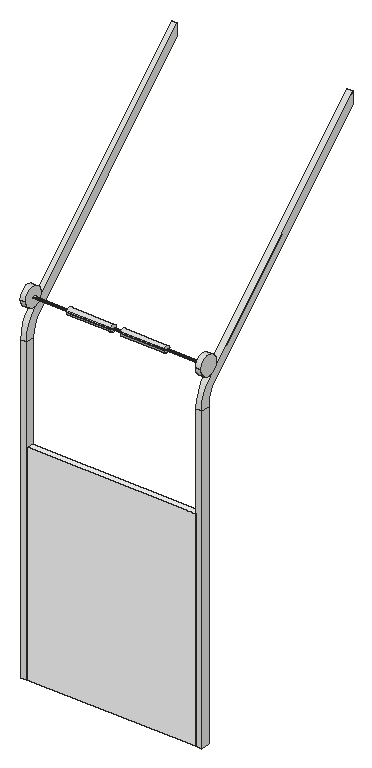
Revit family "VC-HL-1212", category Generic Models, host Wall, Revit 2026
Family settings
  Host = Wall
  Can host rebar = No
  Round Connector Dimension = Use Diameter
  Part Type = Normal
  Always vertical = Yes
  Cut with Voids When Loaded = Yes
  Maintain Annotation Orientation = No
  Shared = No
  Room Calculation Point = No
Parameters (values of type "9' x 11'")
  VerticalTrack [instance] = 16' - 0 1/2"
  Type Comments = "Insulated"  # constant formula
  TrackWidth = 0' - 3 1/2"
  TrackHeight = OpeningHeight + HeadRoom  # 16' - 0 1/2"
  TrackDepth = 0' - 5 3/8"  # constant formula
  Track Style = "High Lift 12/12 Pitch"  # constant formula
  PitTrackCutW = 1' - 0"
  PitTrackCutL = 1' - 0"
  PanelSize = 4' - 0"  # constant formula
  OpeningWidth = 9' - 0"
  OpeningHeight = 11' - 0 1/2"
  Model = "Verticool"  # constant formula
  Manufacturer = "TKO"  # constant formula
  HorizTrack = OpeningHeight - HeadRoom + 2' 0"  # 8' - 0 1/2"
  HeadRoom = 5' - 0"  # constant formula
  DoorThk = 0' - 4"  # constant formula
  Description = "Sectional Door"  # constant formula
  Default Elevation = 0' - 0"
  BelowFinFloor = 1' - 0 1/2"
Types (10): name | VerticalTrack | TrackHeight | OpeningWidth | OpeningHeight | HorizTrack
  (no name) | 16' - 0 1/2" | 16' - 0 1/2" | 9' - 0" | 11' - 0 1/2" | 8' - 0 1/2"
  8' x 10' | 13' - 0 1/2" | 15' - 0 1/2" | 8' - 0" | 10' - 0 1/2" | 7' - 0 1/2"
  9' x 10' | 13' - 0 1/2" | 15' - 0 1/2" | 9' - 0" | 10' - 0 1/2" | 7' - 0 1/2"
  10' x 10' | 13' - 0 1/2" | 15' - 0 1/2" | 10' - 0" | 10' - 0 1/2" | 7' - 0 1/2"
  10' x 11' | 14' - 0 1/2" | 16' - 0 1/2" | 10' - 0" | 11' - 0 1/2" | 8' - 0 1/2"
  9' x 11' | 16' - 0 1/2" | 16' - 0 1/2" | 9' - 0" | 11' - 0 1/2" | 8' - 0 1/2"
  8' x 11' | 14' - 0 1/2" | 16' - 0 1/2" | 8' - 0" | 11' - 0 1/2" | 8' - 0 1/2"
  9' x 12' | 15' - 0 1/2" | 17' - 0 1/2" | 9' - 0" | 12' - 0 1/2" | 9' - 0 1/2"
  8' x 12' | 15' - 0 1/2" | 17' - 0 1/2" | 8' - 0" | 12' - 0 1/2" | 9' - 0 1/2"
  10' x 12' | 15' - 0 1/2" | 17' - 0 1/2" | 10' - 0" | 12' - 0 1/2" | 9' - 0 1/2"
Reference planes (in)
  plane 1: y = 0
  plane 2 "Center (Left/Right)": x = 0
  plane 3 "Wall Edge": y = 3
  plane 4: x = -54
  plane 5: x = 54
  plane 6 "Bottom Of Door": z = -12.5
  plane 7: z = 120
  plane 8: y = 15
  plane 9: x = 66
  plane 10: x = -66
  plane 11: y = 3
  plane 12: y = 7
  plane 13: z = 35.5
  plane 14: z = 83.5
  plane 15: z = 131.5
  plane 16: x = -57.5
  plane 17: x = 57.5
  plane 18: y = 8.375
  plane 19: z = 180
  plane 20: z = 198
  plane 21: y = 26.375
  plane 22: z = 203.375
  plane 23: y = 122.875
  plane 24: x = -31
  plane 25: x = -3
  plane 26: x = 3
  plane 27: x = 31
Forms (in)
  Extrusion 1, void
    sketch origin (0, 3, 0) x (1, 0, 0) y (0, 0, 1)
      loop
        line (54, 120) -> (-54, 120) -> (-54, -12.5) -> (54, -12.5) -> (54, 120)
    from 0 to 6
  Extrusion 2, void
    sketch origin (0, 0, 0) x (1, 0, 0) y (0, 1, 0)
      loop
        line (-66, 15) -> (-66, 3) -> (-54, 3) -> (-54, -3) -> (54, -3) -> (54, 3) -> (66, 3) -> (66, 15) -> (-66, 15)
    from -12.5 to 0
  Extrusion 3, solid, material "DOOR PANEL"
    sketch origin (0, 0, 0) x (1, 0, 0) y (0, 1, 0)
      loop
        line (-54, 7) -> (-54, 3) -> (54, 3) -> (54, 7) -> (-54, 7)
    from -12.5 to 120
  Extrusion 4, solid, material "Steel"
    sketch origin (0, 0, 0) x (1, 0, 0) y (0, 1, 0)
      loop
        line (-57.5, 8.375) -> (-57.5, 3) -> (-54, 3) -> (-54, 8.375) -> (-57.5, 8.375)
      loop
        line (54, 8.375) -> (54, 3) -> (57.5, 3) -> (57.5, 8.375) -> (54, 8.375)
    from -12.5 to 180
  Extrusion 5, solid, material "Steel"
    sketch origin (0, 0, 0) x (0, 1, 0) y (0, 0, 1)
      loop
        arc (8.375, 180) -> (9.74517, 186.8883) -> (13.64708, 192.72792) r 18
        line (13.64708, 192.72792) -> (122.875, 301.95584) -> (122.875, 309.55724) -> (9.84638, 196.52862)
        arc (9.84638, 196.52862) -> (4.77932, 188.94523) -> (3, 180) r 23.375
        line (3, 180) -> (8.375, 180)
    from -57.5 to -54
  Extrusion 6, solid, material "Steel"
    sketch origin (0, 0, 0) x (0, 1, 0) y (0, 0, 1)
      loop
        circle (8.375, 203.375) r 6
    from -57.5 to -54
  Extrusion 7, solid, material "Steel"
    sketch origin (0, 0, 0) x (0, 1, 0) y (0, 0, 1)
      loop
        circle (8.375, 203.375) r 6
    from 54 to 57.5
  Extrusion 8, solid, material "Steel"
    sketch origin (0, 0, 0) x (0, 1, 0) y (0, 0, 1)
      loop
        circle (8.375, 203.375) r 0.5
    from -54 to 54
  Extrusion 9, solid, material "Steel"
    sketch origin (0, 0, 0) x (0, 1, 0) y (0, 0, 1)
      loop
        circle (8.375, 203.375) r 2
    from 3 to 31
  Extrusion 10, solid, material "Steel"
    sketch origin (-0.5, 0, 27.94939) x (0, 1, 0) y (0, 0, -1)
      loop
        circle (8.375, -175.42561) r 2
    from 2.5 to 30.5
  Extrusion 11, solid, material "Steel"
    sketch origin (0, 0, 0) x (0, 1, 0) y (0, 0, 1)
      loop
        arc (8.375, 180) -> (9.74517, 186.8883) -> (13.64708, 192.72792) r 18
        line (13.64708, 192.72792) -> (122.875, 301.95584) -> (122.875, 309.55724) -> (9.84638, 196.52862)
        arc (9.84638, 196.52862) -> (4.77932, 188.94523) -> (3, 180) r 23.375
        line (3, 180) -> (8.375, 180)
    from 54 to 57.5
Lines and regions (in)
  model lines
    curve 1: line (54, 3, 35.5) -> (-54, 3, 35.5)
    curve 2: line (-54, 3, 83.5) -> (54, 3, 83.5)
    curve 3: line (54, 3, 131.5) -> (-54, 3, 131.5)
Text (in)
  text "Placement Side" at (0, 240.99209, 123.01588), in view "Right"
  text "Placement Side" at (-70.3804, 83.26548, 0), in view "Ref. Level"
  text "Placement Side" at (0, 81.62555, 140.59947), in view "Left"
Dimensions and locks (in)
  locked: plane 3 "Wall Edge" to host wall
  equal spacing: plane 5, plane 2 "Center (Left/Right)", plane 4
  "OpeningWidth": plane 5 to plane 4
  "BelowFinFloor": plane 6 "Bottom Of Door" to level
  "OpeningHeight": plane 6 "Bottom Of Door" to plane 7
  "PitTrackCutW": plane 5 to plane 9
  "PitTrackCutW": plane 10 to plane 4
  "PitTrackCutL": plane 11 to plane 8
  "DoorThk": plane 11 to plane 12
  "PanelSize": plane 13 to plane 6 "Bottom Of Door"
  equal spacing: plane 15, plane 14, plane 13, plane 6 "Bottom Of Door"
  host wall to Extrusion 3 = 0' - 7"
  "TrackDepth": plane 18 to plane 11
  "TrackWidth": plane 16 to plane 4
  "TrackWidth": plane 5 to plane 17
  locked: plane 20 to plane 19 at 18
  locked: plane 21 to Extrusion 4 at 18
  "TrackDepth": plane 22 to plane 20
  "HeadRoom": plane 7 to plane 19
  "VerticalTrack": plane 19 to plane 6 "Bottom Of Door"
  "HorizTrack": plane 21 to plane 23
  locked: plane 24 to plane 25 at 28
  locked: plane 26 to plane 27 at 28
  equal spacing: plane 25, plane 2 "Center (Left/Right)", plane 26, locked at 3 each
  "TrackDepth": Extrusion 5 sketch curve to Extrusion 5 sketch curve
  radius of Extrusion 5 sketch curve = 1' - 6"
  radius of Extrusion 6 sketch curve = 0' - 6"
  radius of Extrusion 7 sketch curve = 0' - 6"
  radius of Extrusion 8 sketch curve = 0' - 0 1/2"
  radius of Extrusion 9 sketch curve = 0' - 2"
  radius of Extrusion 10 sketch curve = 0' - 2"
  radius of Extrusion 5 sketch curve = 1' - 11 3/8"
  radius of Extrusion 11 sketch curve = 1' - 6"
  radius of Extrusion 11 sketch curve = 1' - 11 3/8"
  locked: Extrusion 5 sketch curve to Extrusion 5 sketch curve (angle 45.00°)  (x2)
  locked: plane 19 to Extrusion 5 sketch curve (angle 45.00°)  (x2)
  angle Extrusion 11 sketch curve to Extrusion 11 sketch curve = 45.00°  (x2)
  aligned and locked: host wall to plane 11
  aligned and locked: Extrusion 1 sketch curve to plane 5
  aligned and locked: Extrusion 1 sketch curve to plane 6 "Bottom Of Door"
  aligned and locked: Extrusion 1 sketch curve to plane 4
  aligned and locked: Extrusion 1 to plane 11
  aligned and locked: host wall to Extrusion 1
  aligned and locked: Extrusion 2 sketch curve to plane 8
  aligned and locked: plane 10 to Extrusion 2 sketch curve
  aligned and locked: Extrusion 2 sketch curve to plane 11  (x2)
  aligned and locked: Extrusion 2 sketch curve to plane 9
  aligned and locked: Extrusion 2 to plane 6 "Bottom Of Door"
  aligned and locked: level to Extrusion 2
  aligned and locked: Extrusion 2 sketch curve to plane 5
  aligned and locked: plane 4 to Extrusion 2 sketch curve
  aligned and locked: Extrusion 2 sketch curve to host wall
  aligned and locked: Extrusion 3 to plane 3 "Wall Edge"
  aligned and locked: plane 12 to Extrusion 3
  aligned and locked: Extrusion 3 to plane 7
  aligned and locked: Extrusion 3 to plane 6 "Bottom Of Door"
  aligned and locked: Extrusion 4 sketch curve to plane 18  (x2)
  aligned and locked: Extrusion 4 sketch curve to plane 16
  aligned and locked: curve 1 to Extrusion 4 sketch curve
  aligned and locked: Extrusion 4 sketch curve to Extrusion 2
  aligned and locked: plane 5 to Extrusion 4 sketch curve
  aligned and locked: Extrusion 4 sketch curve to plane 11
  aligned and locked: Extrusion 4 sketch curve to plane 17
  aligned and locked: Extrusion 4 to plane 6 "Bottom Of Door"
  aligned and locked: plane 19 to Extrusion 4
  aligned and locked: curve 2 to plane 14
  aligned and locked: curve 3 to plane 15
  aligned and locked: curve 1 to plane 13
  aligned and locked: Extrusion 5 sketch curve to plane 11
  aligned and locked: Extrusion 5 sketch curve to Extrusion 4
  aligned and locked: plane 16 to Extrusion 5
  aligned and locked: Extrusion 5 to plane 4
  aligned and locked: plane 22 to Extrusion 6 sketch curve
  aligned and locked: Extrusion 4 to Extrusion 6 sketch curve
  aligned and locked: Extrusion 7 sketch curve to Extrusion 4
  aligned and locked: Extrusion 7 sketch curve to plane 22
  aligned and locked: plane 17 to Extrusion 7
  aligned and locked: Extrusion 7 to plane 5
  aligned and locked: Extrusion 6 to plane 16
  aligned and locked: plane 4 to Extrusion 6
  aligned and locked: plane 22 to Extrusion 8 sketch curve
  aligned and locked: Extrusion 4 to Extrusion 8 sketch curve
  aligned and locked: Extrusion 8 to plane 4
  aligned and locked: plane 5 to Extrusion 8
  aligned and locked: plane 22 to Extrusion 9 sketch curve
  aligned and locked: Extrusion 4 to Extrusion 9 sketch curve
  aligned and locked: Extrusion 9 to plane 26
  aligned and locked: plane 27 to Extrusion 9
  aligned and locked: Extrusion 10 to plane 24
  aligned and locked: plane 25 to Extrusion 10
  aligned and locked: plane 22 to Extrusion 10 sketch curve
  aligned and locked: Extrusion 4 to Extrusion 10 sketch curve
  aligned and locked: Extrusion 5 sketch curve to plane 23
  aligned and locked: Extrusion 4 to Extrusion 11 sketch curve
  aligned and locked: Extrusion 11 sketch curve to Extrusion 4
  aligned and locked: Extrusion 5 to Extrusion 11 sketch curve
  aligned and locked: plane 23 to Extrusion 11 sketch curve
  aligned and locked: Extrusion 11 sketch curve to Extrusion 5
  aligned and locked: plane 17 to Extrusion 11
  aligned and locked: Extrusion 11 to plane 5
Automatic sketch dimensions
  Extrusion 1 sketch curve to plane 7 = 0' - 0"
  Extrusion 3 sketch curve to host wall = 0' - 0"
  Extrusion 3 sketch curve to plane 4 = 0' - 0"
  Extrusion 3 sketch curve to plane 5 = 0' - 0"
  Extrusion 3 sketch curve to plane 12 = 0' - 0"
  curve 1 to plane 4 = 0' - 0"
  curve 2 to plane 4 = 0' - 0"
  curve 3 to plane 4 = 0' - 0"
  curve 3 to plane 5 = 0' - 0"
  curve 2 to plane 5 = 0' - 0"
  curve 1 to plane 5 = 0' - 0"
  Extrusion 4 sketch curve to plane 17 = 0' - 0"
  Extrusion 11 sketch curve to Extrusion 11 sketch curve = 0' - 7.6014"
